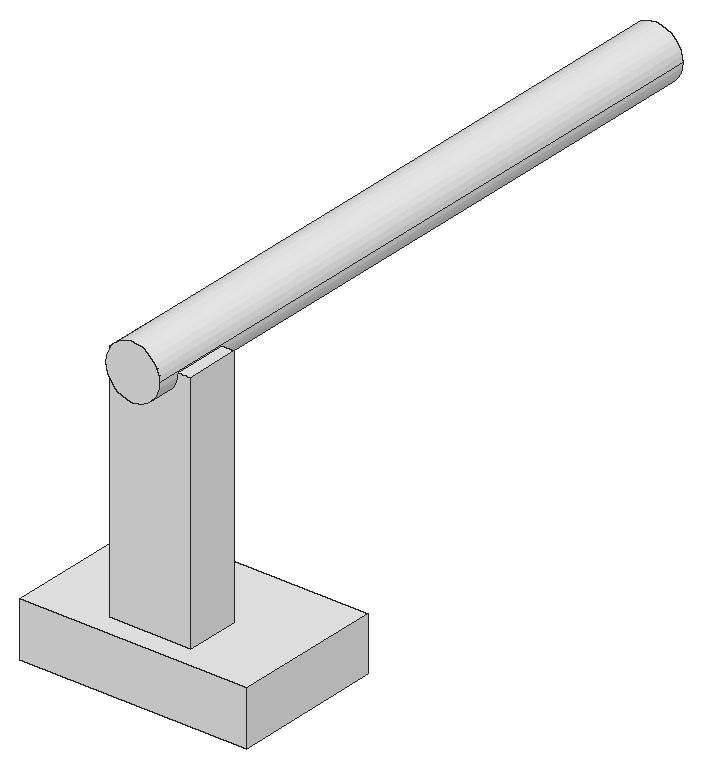
Revit family "Paper_Holder-Grohe-Essentials_Cube-40623001", category Specialty Equipment, host Face, Revit 2018
Family settings
  Host = Face
  Round Connector Dimension = Use Diameter
  Part Type = Normal
  OmniClass Number = 23.40.20.21.21
  OmniClass Title = Toilet Paper Dispensers
  Cut with Voids When Loaded = No
  Shared = Yes
  Room Calculation Point = No
Parameters (values of type "40623001")
  Width = 42 mm
  Warranty Information = "Limited Lifetime Warranty"  # constant formula
  URL = "https://www.grohe.us/"
  Type Comments = ""
  Product Page URL = "https://www.grohe.us/Toilet-Paper-Holders/Spare-Paper-Holder/GROHE-CHROME-40623001"
  Product Documentation Link = "https://americanstandard.box.com/shared/static/272ocdemumj6cnzc7cnenyu8kulrcins.pdf"
  Price = "Prices may vary. Please consult Manufacturer Representative for most up-to-date price list."  # constant formula
  Model = "40623001"
  Material = "Metal-Grohe-001-Starlight Chrome"
  Manufacturer = "Grohe"
  Length = 60 mm
  Installation Type = "Wall Mounted"  # constant formula
  Height = 121 mm
  Finish = Metal-Grohe-001-Starlight Chrome
  Description = "ESSENTIALS CUBE Spare Toilet Paper Holder"  # constant formula
  Default Elevation = 0 mm
  Creation Date = "05/03/2021"  # constant formula
  Assembly Code = "C1030200"
Reference planes
  plane 1 "Center (Front/Back)": y = 0
  plane 2: z = 0
  plane 3 "Center (Left/Right)": x = 0
  plane 4: x = 21
  plane 5: x = -21
  plane 6: y = 14
  plane 7: y = -14
  plane 8: z = 60
  plane 9: x = -7.5
  plane 10: x = 7.5
  plane 11: y = 107
  plane 12: z = 55
Forms (mm)
  Extrusion 1, solid, material "Metal-Grohe-001-Starlight Chrome" <- "Finish"
    sketch origin (0, 0, 0) x (1, 0, 0) y (0, 1, 0)
      loop
        line (-21, 14) -> (-21, -14) -> (21, -14) -> (21, 14) -> (-21, 14)
    from 0 to 10
  Extrusion 2, solid, material "Metal-Grohe-001-Starlight Chrome" <- "Finish"
    sketch origin (0, 0, 0.937) x (1, 0, 0) y (0, 0, 1)
      loop
        circle (0, 54.075) r 5
    from -107 to 14
  Extrusion 3, solid, material "Metal-Grohe-001-Starlight Chrome" <- "Finish"
    sketch origin (0, 0, 0) x (1, 0, 0) y (0, 0, 1)
      loop
        line (7.5, 10) -> (7.5, 55) -> (-7.5, 55) -> (-7.5, 10) -> (7.5, 10)
    from 0 to 10
Lines and regions (mm)
  Masking region 1
    outline origin (0, 0, 0) x (1, 0, 0) y (0, 0, 1)
      loop
        arc (5, 55.004) -> (0, 60.004) -> (-5, 55.004) r 5
        line (-5, 55.004) -> (-7.5, 55.004) -> (-7.5, 10) -> (-21, 10) -> (-21, 0) -> (21, 0) -> (21, 10) -> (7.5, 10) -> (7.5, 55.004) -> (5, 55.004)
  symbolic lines, detail levels medium+fine
    curve 1: arc (-5, 0, 55.012) -> (0, 0, 50.012) -> (5, 0, 55.012) r 5
    curve 2: line (7.5, 0, 10) -> (-7.5, 0, 10)
Dimensions and locks
  "Height": plane 7 to plane 11
  "Width": plane 5 to plane 4
  "Length": host face to plane 8
  aligned and locked: plane 2 to host face
  aligned and locked: level to host face
  aligned and locked: plane 5 to Extrusion 1 sketch curve
  aligned and locked: Extrusion 1 sketch curve to plane 7
  aligned and locked: Extrusion 1 sketch curve to plane 4
  aligned and locked: plane 6 to Extrusion 1 sketch curve
  aligned and locked: plane 7 to Extrusion 2  (x2)
  aligned and locked: Extrusion 2 to plane 11
  aligned and locked: plane 12 to Extrusion 3
  aligned and locked: Masking region 1 sketch curve to Extrusion 3  (x2)
  aligned and locked: Extrusion 1 to Masking region 1 sketch curve
  aligned and locked: curve 1 to Extrusion 2
Automatic sketch dimensions
  host sketch curve to host sketch curve = 2438.4 mm  (x2)
  Extrusion 2 sketch curve to plane 3 "Center (Left/Right)" = 0 mm
  plane 12 to Extrusion 2 sketch curve = 0.012 mm
  Extrusion 3 sketch curve to plane 9 = 0 mm
  Extrusion 3 sketch curve to plane 10 = 0 mm
  Extrusion 3 sketch curve to plane 12 = 0 mm
  level to Extrusion 3 sketch curve = 10 mm
  Masking region 1 sketch curve to level = 0 mm
  Masking region 1 sketch curve to plane 5 = 0 mm
  Masking region 1 sketch curve to plane 3 "Center (Left/Right)" = 0 mm
  Masking region 1 sketch curve to plane 4 = 0 mm
  plane 12 to Masking region 1 sketch curve = 0.004 mm
  plane 9 to Masking region 1 sketch curve = 2.5 mm
  level to Masking region 1 sketch curve = 10 mm
  curve 2 to plane 9 = 0 mm
  curve 2 to plane 10 = 0 mm
  level to curve 2 = 10 mm
  radius of Extrusion 2 sketch curve = 5 mm
